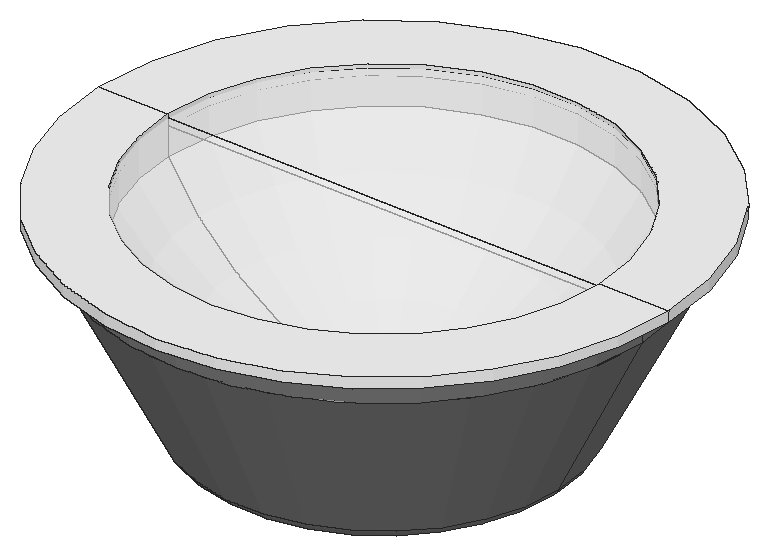
Revit family "30551", category Lighting Fixtures, host Face, Revit 2018
Family settings
  Host = Face
  Round Connector Dimension = Use Diameter
  Part Type = Normal
  OmniClass Number = 23.80.70.00
  OmniClass Title = Lighting
  Cut with Voids When Loaded = No
  Light Source = Yes
  Shared = No
  Room Calculation Point = No
Parameters (values of type "0030551 INSAVER SL IP44 205 MULTI650-2050 840")
  WidthBezel_SYL = if(Size1_SYL, 20 mm, if(Size2_SYL, 20 mm, if(Size3PIR_SYL, 30 mm, if(Size4_SYL, 20 mm, 20 mm))))  # 20 mm
  Weight = "n/a"
  Wattage Comments = ""
  Wattage = 12 W
  WarrantyStartDate [instance] = "n/a"
  WarrantyGuarantorParts = "n/a"
  WarrantyDurationUnit = "n/a"
  WarrantyDurationParts = ""
  WarrantyDescription = "http://www.sylvania-lighting.com"
  built-in parameter 1150110 = 1 (stored number, unit not read)
  Voltage = 230 V
  VisibilityPIR_SYL = Size3PIR_SYL  # no
  URL = "0.9"
  TypeName = "Insaver Slim IP44 205 Multi650-2050 840"
  Type Image = <None>
  Type Comments = "n/a"
  built-in parameter 1114217 = 1 (stored number, unit not read)
  Tilt Angle = -90.00°
  built-in parameter 1150109 = 1 (stored number, unit not read)
  built-in parameter 1150134 = (empty or 0)
  built-in parameter 1150113 = 1 (stored number, unit not read)
  Size4_SYL = no
  Size3PIR_SYL = no
  Size2_SYL = no
  Size1_SYL = yes
  SerialNumber [instance] = "n/a"
  RadiusTop_SYL = 6 mm
  RadiusReflector_SYL = if(Size1_SYL, 85 mm, if(Size2_SYL, 85 mm, if(Size3PIR_SYL, 85 mm, if(Size4_SYL, 100 mm, 120 mm))))  # 85 mm
  Photometric Web File = "0030551.IES"
  Material_3_FEILO = Top-Sylvania-STARTDownlight
  PowerFactor = 0.9
  PowerConsumption = "Lighting"
  NominalLength = 165 mm
  NominalHeight = 50 mm
  NominalDepth = 165 mm
  Name = "Insaver Slim IP44 205 Multi650-2050 840"
  ModelReference = Name  # "Insaver Slim IP44 205 Multi650-2050 840"
  ModelNumber = "0030551"
  Model = Name  # "Insaver Slim IP44 205 Multi650-2050 840"
  Material = "Feilo Sylvania"
  ManufacturerName = "128 lm/W"
  Manufacturer = ""
  LuminousEfficacy = ""
  built-in parameter 1150105 = 31.446 (stored number, unit not read)
  Lumens = 395.16 lm
  LuminaireType = "0"
  built-in parameter 1150115 = 1 (stored number, unit not read)
  LightOutputRatio = "LED"
  built-in parameter 1150137 = (empty or 0)
  built-in parameter 1150139 = (empty or 0)
  LampsType = Lamp  # "n/a"
  LampNominalLuminous = "4000 K"
  LampMacAdamStep = "80"
  LampColourTemperature = "LED"
  LampColourRenderingIndex = "16500"
  built-in parameter 1150112 = 1 (stored number, unit not read)
  built-in parameter 1150114 = 1 (stored number, unit not read)
  Lamp = "n/a"
  Keynote = "n/a"
  InstallationDate [instance] = "n/a"
  InputVoltage = "0"
  InputNominalFrequency = "4000"
  built-in parameter 1150132 = (empty or 0)
  built-in parameter 1150102 = (empty or 0)
  built-in parameter 1150107 = 3000 (stored number, unit not read)
  built-in parameter 1150138 = (empty or 0)
  IngressProtection = "IfcLightFixtureType"
  ImpactProtectionIndex = "IfcLightFixtureType"
  built-in parameter 1150106 = 0.31446 (stored number, unit not read)
  IfcExportType = "IfcLightFixtureType"
  IfcExportAs = "Class II"
  Height_SYL = if(Size1_SYL, 61 mm, if(Size2_SYL, 61 mm, if(Size3PIR_SYL, 61 mm, if(Size4_SYL, 61 mm, 60 mm))))  # 61 mm
  HeightBezel_SYL = if(Size1_SYL, 3 mm, if(Size2_SYL, 3 mm, if(Size3PIR_SYL, 3 mm, if(Size4_SYL, 3.2 mm, 3 mm))))  # 3 mm
  ExpectedLife = 50000
  Emit from Circle Diameter = Diameter_SYL - 40 mm  # 125 mm
  Emit Shape Visible in Rendering = no
  ElectricShockClassification = "128"
  built-in parameter 1150104 = 3.0593 (stored number, unit not read)
  DurationUnit = "hours"
  DocumentationLiterature = "http://www.sylvania-lighting.com/product/en-int/products/0030551"
  DimmingControlOptions = "n/a"
  Material_2_FEILO = Diffuser-Sylvania-STARTDownlight
  Dimming Lamp Color Temperature Shift = <None>
  Diameter_SYL = if(Size1_SYL, 165 mm, if(Size2_SYL, 190 mm, if(Size3PIR_SYL, 211 mm, if(Size4_SYL, 220 mm, 240 mm))))  # 165 mm
  DiameterTop_SYL = if(Size1_SYL, 98 mm, if(Size2_SYL, 122 mm, if(Size3PIR_SYL, 120 mm, if(Size4_SYL, 135 mm, 158 mm))))  # 98 mm
  DiameterTopBase_SYL = DiameterRecess_SYL  # 150 mm
  DiameterRecess_SYL = if(Size1_SYL, 150 mm, if(Size2_SYL, 170 mm, if(Size3PIR_SYL, 186 mm, if(Size4_SYL, 200 mm, 225 mm))))  # 150 mm
  Description = "Insaver Slim is a ceiling recessed LED downlight (IP44 from the front),Die-cast aluminium body, loop in loop out connector for quick installation, Non dimmable LED driver,  4000K; UGR <19 with shallow product depth 60mm. The range features a multipower functionality where the luminous flux of the luminaire can be tailored to local needs by only setting a quick selector switch on the driver. 8 steps available with adjustable lumen output of 650 – 2050lm  at 4000K.  Meets TP(a) requirements."
  Default Elevation = 1219.2 mm
  CreatedOn = "05/03/2024"
  CreatedBy = "@sylvania-lighting.com"
  Cost = 0
  Color Filter = 16777215
  built-in parameter 1114216 [instance] = (empty or 0)
  ClassificationValue = "EF_70_80"
  ClassificationName = "Uniclass2015"
  Material_1_FEILO = Trim-Sylvania-STARTDownlight-White
  BarCode [instance] = "n/a"
  built-in parameter 1114218 = 1 (stored number, unit not read)
  built-in parameter 1150133 = 10 (stored number, unit not read)
  AssetType = "Fixed"
  AssetIdentifier [instance] = "n/a"
  Assembly Code = "D5020200"
  Apparent Load = 16 VA
  Material_4_FEILO = LED-Sylvania-STARTDownlight
Reference planes
  plane 1 "Center (Front/Back)": y = 0
  plane 2: z = 0
  plane 3 "Center (Left/Right)": x = 0
  plane 4: x = 82.5
  plane 5: x = -82.5
  plane 6: z = 3
  plane 7: z = -8
  plane 8: z = -58
  plane 9: x = -75
  plane 10: x = 75
  plane 11: x = -49
  plane 12: x = 49
  plane 13: z = -85
  plane 14: x = -62.5
  plane 15: z = 2
  plane 16: z = -46
  plane 17: x = -16
  plane 18: x = -67.5
  plane 19: x = -81.5
  plane 20: x = -99.5
  plane 21: x = -76.5
  plane 22: z = 5.5
  plane 23: z = 8.7
  plane 24: x = -75.5
  plane 25: z = 13.7
Forms (mm)
  Revolve 1, void
    sketch origin (0, 0, 0) x (1, 0, 0) y (0, 0, 1)
      loop
        line (0, 0) -> (-75, 0) -> (-75, -85) -> (0, -85) -> (0, 0)
      axis (0, 0) -> (0, -85)
    angle from 360 to 0
  Revolve 2, solid, material "Trim-Sylvania-STARTDownlight-White" <- "Material_1_FEILO"
    sketch origin (0, 0, 0) x (1, 0, 0) y (0, 0, 1)
      loop
        line (-62.5, 3) -> (-82.5, 3) -> (-82.5, 0) -> (-75, 0) -> (-75, -8) -> (-50.681, -54.768)
        arc (-50.681, -54.768) -> (-48.471, -57.129) -> (-45.357, -58) r 6
        line (-45.357, -58) -> (0, -58) -> (0, -46) -> (-16, -46)
        arc (-16, -46) -> (-42.718, -31.243) -> (-62.5, -8) r 85
        line (-62.5, -8) -> (-62.5, 3)
      axis (0, 3) -> (0, -58)
    angle from 360 to 0
  Revolve 3, solid, material "Diffuser-Sylvania-STARTDownlight" <- "Material_2_FEILO"
    sketch origin (0, 0, 0) x (1, 0, 0) y (0, 0, 1)
      loop
        line (-62.5, 0) -> (0, 0) -> (0, 2) -> (-62.5, 2) -> (-62.5, 0)
      axis (0, 2) -> (0, 0)
    angle from 360 to 0
  Revolve 4, solid, material "Trim-Sylvania-STARTDownlight-White" <- "Material_1_FEILO", visible <- "VisibilityPIR_SYL"
    sketch origin (0, 0, 0) x (1, 0, 0) y (0, 0, 1)
      loop
        line (-67.5, 3) -> (-67.5, 13.7)
        arc (-67.5, 13.7) -> (-72.217, 12.347) -> (-75.5, 8.7) r 8.9
        line (-75.5, 8.7) -> (-75.5, 5.5) -> (-76.5, 5.5) -> (-76.5, 3) -> (-67.5, 3)
      axis (-67.5, 13.7) -> (-67.5, 3)
    angle from 360 to 0
Dimensions and locks
  equal spacing: plane 4, plane 3 "Center (Left/Right)", plane 5
  "Diameter_SYL": plane 4 to plane 5
  equal spacing: plane 10, plane 3 "Center (Left/Right)", plane 9
  equal spacing: plane 12, plane 3 "Center (Left/Right)", plane 11
  "DiameterTop_SYL": plane 12 to plane 11
  "HeightBezel_SYL": plane 6 to plane 2
  "Height_SYL": plane 6 to plane 8
  locked: plane 2 to plane 7 at 8
  locked: plane 2 to plane 13 at 85
  "WidthBezel_SYL": plane 14 to plane 5
  locked: plane 6 to plane 15 at 1
  "DiameterRecess_SYL": plane 10 to plane 9
  locked: plane 3 "Center (Left/Right)" to plane 17 at 16
  locked: plane 16 to plane 8 at 12
  locked: plane 18 to plane 21 at 9
  locked: plane 22 to plane 6 at 2.5
  locked: plane 23 to plane 22 at 3.2
  locked: plane 18 to plane 24 at 8
  locked: plane 25 to plane 23 at 5
  locked: plane 25 to Revolve 4 sketch curve at 8.9
  locked: plane 18 to plane 5 at 15
  "RadiusReflector_SYL": radius of Revolve 2 sketch curve
  "RadiusTop_SYL": radius of Revolve 2 sketch curve
  aligned and locked: plane 2 to host face
  aligned and locked: level to host face
  aligned and locked: Revolve 1 sketch curve to plane 3 "Center (Left/Right)"
  aligned and locked: plane 3 "Center (Left/Right)" to Revolve 1 sketch curve
  aligned and locked: Revolve 1 sketch curve to plane 9
  aligned and locked: plane 13 to Revolve 1 sketch curve
  aligned and locked: plane 3 "Center (Left/Right)" to imposter light
  aligned and locked: imposter light to plane 15
  aligned and locked: imposter light to plane 1 "Center (Front/Back)"
  aligned and locked: Revolve 2 sketch curve to plane 3 "Center (Left/Right)"
  aligned and locked: Revolve 2 sketch curve to plane 6
  aligned and locked: Revolve 2 sketch curve to plane 5
  aligned and locked: Revolve 2 sketch curve to level
  aligned and locked: plane 7 to Revolve 2 sketch curve  (x2)
  aligned and locked: Revolve 2 sketch curve to plane 9
  aligned and locked: plane 8 to Revolve 2 sketch curve
  aligned and locked: Revolve 2 sketch curve to plane 14
  aligned and locked: plane 3 "Center (Left/Right)" to Revolve 2 sketch curve
  aligned and locked: Revolve 2 sketch curve to plane 16
  aligned and locked: Revolve 3 sketch curve to plane 3 "Center (Left/Right)"
  aligned and locked: Revolve 3 sketch curve to level
  aligned and locked: imposter light to Revolve 3 sketch curve  (x2)
  aligned and locked: Revolve 4 sketch curve to plane 18  (x2)
  aligned and locked: Revolve 4 sketch curve to plane 6
  aligned and locked: plane 22 to Revolve 4 sketch curve
  aligned and locked: plane 24 to Revolve 4 sketch curve
  aligned and locked: Revolve 4 sketch curve to Revolve 4 sketch curve
  aligned and locked: plane 21 to Revolve 4 sketch curve
Automatic sketch dimensions
  host sketch curve to host sketch curve = 2438.4 mm  (x2)
  plane 13 to Revolve 1 sketch curve = 524.6 mm
  Revolve 1 sketch curve to plane 6 = 2606.058 mm
  Revolve 1 sketch curve to level = 0 mm
  Revolve 2 sketch curve to plane 17 = 0 mm
  Revolve 2 sketch curve to plane 11 = 1.681 mm
  plane 11 to Revolve 2 sketch curve = 3.643 mm
  plane 13 to Revolve 2 sketch curve = 524.6 mm
  Revolve 2 sketch curve to Revolve 2 sketch curve = 2577.983 mm
  Revolve 3 sketch curve to plane 14 = 0 mm
  plane 13 to Revolve 3 sketch curve = 524.6 mm
  Revolve 3 sketch curve to plane 6 = 2606.058 mm
  Revolve 4 sketch curve to plane 23 = 0 mm
  plane 13 to Revolve 4 sketch curve = 524.6 mm
  Revolve 4 sketch curve to Revolve 4 sketch curve = 2595.358 mm
Connectors
  electrical at (0, 0, 0), driven by "Apparent Load", driven by "PowerFactor", driven by "Voltage"
    settings: index 1, voltage 230 V, apparent load 16 VA, apparent load phase1 0 VA, apparent load phase2 0 VA, apparent load phase3 0 VA, power factor 0.9, load classification "Lighting", number of poles 1, system type 30, power factor state 1, is connector primary yes, connector utility no, sub classification motor no, connector description ""
